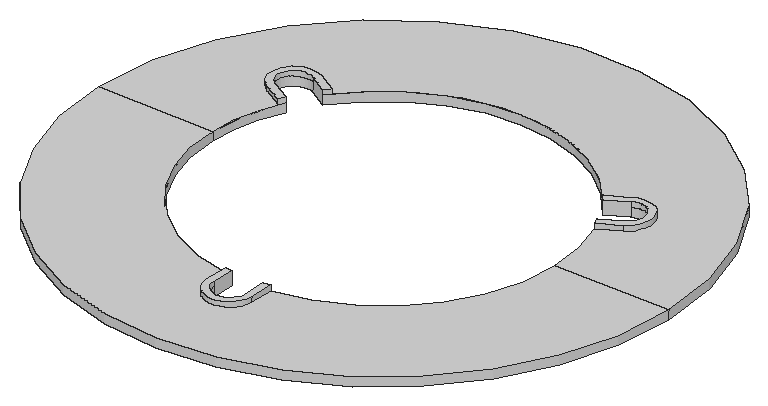
Revit family "A1-C1", category Plumbing Fixtures, Revit 2018
Family settings
  Round Connector Dimension = Use Diameter
  Part Type = Normal
  Work Plane-Based = No
  Always vertical = Yes
  Cut with Voids When Loaded = No
  Shared = No
  Room Calculation Point = No
Parameters (values of type "A1-C1")
  URL = "WWW.MIFAB.COM"
  Model = "A1-C1"
  Manufacturer = "MIFAB"
  Description = "MEMBRANE CLAMP FOR SMALL FLOOR DRAINS"
Reference planes (in)
  plane 1 "Center (Front/Back)": y = 0
  plane 2: z = 0
  plane 3 "Center (Left/Right)": x = 0
  plane 4: x = -4
  plane 5: x = 4
  plane 6: y = 4
  plane 7: y = -4
  plane 8: z = 2
Forms (in)
  Revolve 1, solid, material "Steel"
    sketch origin (0, 0, 0) x (1, 0, 0) y (0, 0, 1)
      loop
        line (4, 0.125) -> (2.40463, 0.125) -> (2.40463, 0) -> (4, 0) -> (4, 0.125)
      axis (0, 0.125) -> (0, 0)
    angle from 0 to 360
  Extrusion 2, solid, material "Steel"
    sketch origin (0, 0, 0) x (1, 0, 0) y (0, 1, 0)
      loop
        line (0.22227, -2.39434) -> (0.22227, -2.70786)
        arc (0.22227, -2.70786) -> (0, -2.93013) -> (-0.22227, -2.70786) r 0.22227
        line (-0.22227, -2.70786) -> (-0.22227, -2.39434)
        arc (-0.22227, -2.39434) -> (-0.2692, -2.38952) -> (-0.31602, -2.38378) r 2.40463
        line (-0.31602, -2.38378) -> (-0.31602, -2.70786)
        arc (-0.31602, -2.70786) -> (0, -3.02388) -> (0.31602, -2.70786) r 0.31602
        line (0.31602, -2.70786) -> (0.31602, -2.38378)
        arc (0.31602, -2.38378) -> (0.2692, -2.38952) -> (0.22227, -2.39434) r 2.40463
    from 0.09375 to 0.19243
  Extrusion 3, solid, material "Steel"
    sketch origin (0, 0, 0) x (-0.5, -0.866025, 0) y (0.866025, -0.5, 0)
      loop
        line (0.22227, -2.39434) -> (0.22227, -2.70786)
        arc (0.22227, -2.70786) -> (0, -2.93013) -> (-0.22227, -2.70786) r 0.22227
        line (-0.22227, -2.70786) -> (-0.22227, -2.39434)
        arc (-0.22227, -2.39434) -> (-0.2692, -2.38952) -> (-0.31602, -2.38378) r 2.40463
        line (-0.31602, -2.38378) -> (-0.31602, -2.70786)
        arc (-0.31602, -2.70786) -> (0, -3.02388) -> (0.31602, -2.70786) r 0.31602
        line (0.31602, -2.70786) -> (0.31602, -2.38378)
        arc (0.31602, -2.38378) -> (0.2692, -2.38952) -> (0.22227, -2.39434) r 2.40463
    from 0.09375 to 0.19243
  Extrusion 4, solid, material "Steel"
    sketch origin (0, 0, 0) x (0.5, 0.866025, 0) y (-0.866025, 0.5, 0)
      loop
        arc (1.96242, -1.38966) -> (1.93478, -1.42789) -> (1.9064, -1.46557) r 2.40463
        line (1.9064, -1.46557) -> (2.18706, -1.62761)
        arc (2.18706, -1.62761) -> (2.61876, -1.51194) -> (2.50309, -1.08024) r 0.31602
        line (2.50309, -1.08024) -> (2.22242, -0.9182)
        arc (2.22242, -0.9182) -> (2.20398, -0.96162) -> (2.18469, -1.00467) r 2.40463
        line (2.18469, -1.00467) -> (2.45621, -1.16143)
        arc (2.45621, -1.16143) -> (2.53757, -1.46507) -> (2.23394, -1.54642) r 0.22227
        line (2.23394, -1.54642) -> (1.96242, -1.38966)
    from 0.09375 to 0.19243
  Extrusion 5, void
    sketch origin (0, 0, 0) x (1, 0, 0) y (0, 1, 0)
      loop
        arc (-2.18469, 1.00467) -> (-2.08247, 1.20232) -> (-1.96242, 1.38966) r 2.40463
        line (-1.96242, 1.38966) -> (-2.23394, 1.54642)
        arc (-2.23394, 1.54642) -> (-2.53757, 1.46507) -> (-2.45621, 1.16143) r 0.22227
        line (-2.45621, 1.16143) -> (-2.18469, 1.00467)
      loop
        line (2.18469, 1.00467) -> (2.45621, 1.16143)
        arc (2.45621, 1.16143) -> (2.53757, 1.46507) -> (2.23394, 1.54642) r 0.22227
        line (2.23394, 1.54642) -> (1.96242, 1.38966)
        arc (1.96242, 1.38966) -> (2.08247, 1.20232) -> (2.18469, 1.00467) r 2.40463
      loop
        line (-0.22227, -2.39434) -> (-0.22227, -2.70786)
        arc (-0.22227, -2.70786) -> (0, -2.93013) -> (0.22227, -2.70786) r 0.22227
        line (0.22227, -2.70786) -> (0.22227, -2.39434)
        arc (0.22227, -2.39434) -> (0, -2.40463) -> (-0.22227, -2.39434) r 2.40463
    from 0 to 0.19243
Cuts and joins
  Extrusion 5 cuts Revolve 1
  Extrusion 5 cuts Extrusion 2
  Extrusion 5 cuts Extrusion 3
  Extrusion 5 cuts Extrusion 4
  joined: Revolve 1, Extrusion 2, Extrusion 3, Extrusion 4
Dimensions and locks (in)
  plane 4 to plane 3 "Center (Left/Right)" to plane 5 = 0' - 4", 0' - 4"
  plane 4 to plane 5 = 0' - 8"
  equal spacing: plane 7, plane 1 "Center (Front/Back)", plane 6
  plane 7 to plane 6 = 0' - 8"
  locked: plane 8 to plane 2 at 2
  plane 8 to plane 2 = 0' - 2"
  plane 6 to plane 1 "Center (Front/Back)" to plane 7 = 0' - 4", 0' - 4"
  plane 6 to plane 7 = 0' - 8"
  aligned and locked: level to plane 2
Automatic sketch dimensions
  Extrusion 2 sketch curve to Extrusion 2 sketch curve = 0' - 0"  (x8)
  Extrusion 2 sketch curve to Extrusion 2 sketch curve = 0' - 0 3/32"
  Extrusion 2 sketch curve to Extrusion 2 sketch curve = 0' - 0.31352"
  Extrusion 2 sketch curve to Extrusion 2 sketch curve = 0' - 0.01056"  (x2)
  Extrusion 2 sketch curve to Extrusion 2 sketch curve = 0' - 0.22227"  (x2)
  Extrusion 3 sketch curve to Extrusion 3 sketch curve = 0' - 0"  (x8)
  Extrusion 3 sketch curve to Extrusion 3 sketch curve = 0' - 0 3/32"
  Extrusion 3 sketch curve to Extrusion 3 sketch curve = 0' - 0.31352"
  Extrusion 3 sketch curve to Extrusion 3 sketch curve = 0' - 0.01056"  (x2)
  Extrusion 3 sketch curve to Extrusion 3 sketch curve = 0' - 0.22227"  (x2)
  Extrusion 4 sketch curve to Extrusion 4 sketch curve = 0' - 0"  (x8)
  Extrusion 4 sketch curve to Extrusion 4 sketch curve = 0' - 0.05602"
  Extrusion 4 sketch curve to Extrusion 4 sketch curve = 0' - 0.15676"  (x2)
  Extrusion 4 sketch curve to Extrusion 4 sketch curve = 0' - 0.07591"
  Extrusion 4 sketch curve to Extrusion 4 sketch curve = 0' - 0.08647"
  Extrusion 4 sketch curve to Extrusion 4 sketch curve = 0' - 0.11114"  (x2)
  Extrusion 4 sketch curve to Extrusion 4 sketch curve = 0' - 2.18469"
  Extrusion 2 sketch curve to plane 3 "Center (Left/Right)" = 0' - 0"
  plane 1 "Center (Front/Back)" to Extrusion 2 sketch curve = 0' - 0"
  plane 1 "Center (Front/Back)" to Extrusion 3 sketch curve = 0' - 0"
  Extrusion 3 sketch curve to plane 3 "Center (Left/Right)" = 0' - 0"
  plane 1 "Center (Front/Back)" to Extrusion 4 sketch curve = 0' - 0"
  Extrusion 4 sketch curve to plane 3 "Center (Left/Right)" = 0' - 0"
  Extrusion 4 sketch curve to Extrusion 4 sketch curve = 0' - 0.2783"
  Extrusion 4 sketch curve to Extrusion 4 sketch curve = 0' - 0.28066"
  Extrusion 4 sketch curve to Extrusion 4 sketch curve = 0' - 0.03773"
  Extrusion 4 sketch curve to Extrusion 4 sketch curve = 0' - 0 3/64"  (x2)
  Extrusion 4 sketch curve to Extrusion 4 sketch curve = 0' - 0.08119"
  Revolve 1 sketch curve to plane 3 "Center (Left/Right)" = 0' - 0"
  Revolve 1 sketch curve to level = 0' - 0"
  plane 5 to Revolve 1 sketch curve = 0' - 1.59537"
  plane 5 to Revolve 1 sketch curve = 0' - 0"
  Revolve 1 sketch curve to Revolve 1 sketch curve = 0' - 0 1/8"
  Revolve 1 sketch curve to level = 0' - 1"
  Revolve 1 sketch curve to Revolve 1 sketch curve = 0' - 0 3/4"
  Extrusion 5 sketch curve to Extrusion 5 sketch curve = 0' - 0"  (x4)
  plane 1 "Center (Front/Back)" to Extrusion 5 sketch curve = 0' - 0"
  Extrusion 5 sketch curve to plane 3 "Center (Left/Right)" = 0' - 0"  (x2)
  Extrusion 5 sketch curve to plane 3 "Center (Left/Right)" = 0' - 0.22227"
  Extrusion 5 sketch curve to plane 3 "Center (Left/Right)" = 0' - 1.96242"
  Extrusion 5 sketch curve to plane 1 "Center (Front/Back)" = 0' - 1.00467"  (x2)
  Extrusion 5 sketch curve to Extrusion 5 sketch curve = 0' - 0.22227"  (x2)
  Extrusion 5 sketch curve to Extrusion 5 sketch curve = 0' - 0.27152"  (x2)
  Extrusion 5 sketch curve to Extrusion 5 sketch curve = 0' - 0.11114"  (x4)
  Extrusion 5 sketch curve to plane 1 "Center (Front/Back)" = 0' - 1.16143"  (x2)
  plane 3 "Center (Left/Right)" to Extrusion 5 sketch curve = 0' - 1.96242"
  Extrusion 5 sketch curve to plane 7 = 0' - 1.60566"
  Extrusion 5 sketch curve to Extrusion 5 sketch curve = 0' - 0.31352"
  Extrusion 5 sketch curve to Extrusion 5 sketch curve = 0' - 0.1925"  (x2)
